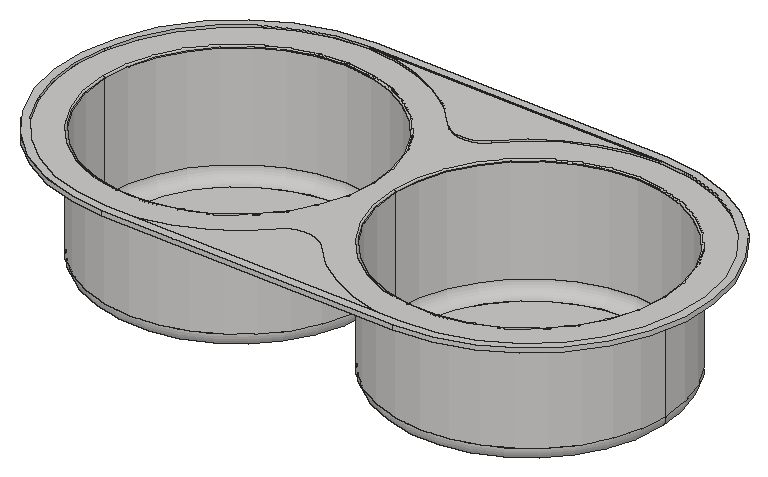
Revit family
Parameters (values of type "870 X 470")
  Waste Connection Diameter = 90 mm
  Width = 470 mm
  Outer Radius = Width / 2  # 235 mm
  Length = 870 mm
  Inner Radius Of Bowl = Inner Diameter Of Bowl / 2  # 185 mm
  Inner Diameter Of Bowl = 370 mm
  Waste Connection Radius = Waste Connection Diameter / 2  # 45 mm
  Waste Connection = 1 = 1  # yes
  WFU = 0
  Vent Connection = 1 = 0  # no
  URL = "http://www.autospec.co.za/browse.php?id=1937217986"
  Product Code = "SDI-880-DBR"
  OmniClass Title = ""
  OmniClass Number = ""
  Modspec Classification = ""
  Specification = ""
  Material = Stainless Steel Grade 304
  Location (revit room) = ""
  HW Connection = 1 = 0  # no
  Description = ""
  Depth Of Bowl = 170 mm
  Colour = none
  CW Connection = 1 = 0  # no
  Body Finish = none
  Model = "Drop-In Preparation Double Bowl SDI-880-DBR"
  Manufacturer = "Kwikot"  # constant formula
  Assembly Code = "D2010410"
Reference planes
  plane 1 "Center (Front/Back)": y = 0
  plane 2 "Bottom": z = 0
  plane 3 "Center (Left/Right)": x = 0
  plane 4 "Top": z = 170
  plane 5: x = 435
  plane 6: x = -435
  plane 7: y = 235
  plane 8: y = -235
  plane 9: x = -200
  plane 10: x = 200
  plane 11: x = -200
  plane 12: x = 200
Forms (mm)
  Extrusion 1, solid, material "Stainless Steel Grade 304" <- "Material"
    sketch origin (-330.571, -1524, 170) x (-1, 0, 0) y (0, -1, 0)
      loop
        arc (-130.571, -1759) -> (104.429, -1524) -> (-130.571, -1289) r 235
        line (-130.571, -1289) -> (-530.571, -1289)
        arc (-530.571, -1289) -> (-765.571, -1524) -> (-530.571, -1759) r 235
        line (-530.571, -1759) -> (-130.571, -1759)
      loop
        circle (-130.571, -1524) r 185
      loop
        circle (-530.571, -1524) r 185
    from 0 to -6
  Sweep 2, solid, material "Stainless Steel Grade 304" <- "Material"
    path origin (-330.571, -1524, 170) x (-1, 0, 0) y (0, -1, 0)
      loop
        circle (-130.571, -1524) r 185
    profile origin (-200, -185, 170) x (0, -1, 0) y (0, 0, 1)
      loop
        line (0, -6) -> (0, -150)
        arc (0, -150) -> (-5.126, -162.374) -> (-17.5, -167.5) r 17.5
        line (-17.5, -167.5) -> (-140, -167.5) -> (-140, -170) -> (-17.5, -170)
        arc (-17.5, -170) -> (-3.358, -164.142) -> (2.5, -150) r 20
        line (2.5, -150) -> (2.5, -6) -> (0, -6)
  Sweep 3, solid, material "Stainless Steel Grade 304" <- "Material"
    path origin (-330.571, -1524, 170) x (-1, 0, 0) y (0, -1, 0)
      loop
        circle (-530.571, -1524) r 185
    profile origin (200, -185, 170) x (0, -1, 0) y (0, 0, 1)
      loop
        line (0, -6) -> (0, -150)
        arc (0, -150) -> (-5.126, -162.374) -> (-17.5, -167.5) r 17.5
        line (-17.5, -167.5) -> (-140, -167.5) -> (-140, -170) -> (-17.5, -170)
        arc (-17.5, -170) -> (-3.358, -164.142) -> (2.5, -150) r 20
        line (2.5, -150) -> (2.5, -6) -> (0, -6)
  Extrusion 4, void
    sketch origin (-330.571, -1524, 170) x (0, -1, 0) y (-1, 0, 0)
      loop
        arc (-1299, -130.571) -> (-1524, 94.429) -> (-1749, -130.571) r 225
        line (-1749, -130.571) -> (-1749, -530.571)
        arc (-1749, -530.571) -> (-1524, -755.571) -> (-1299, -530.571) r 225
        line (-1299, -530.571) -> (-1299, -130.571)
    from 0 to 3
  Extrusion 5, solid, material "Stainless Steel Grade 304" <- "Material"
    sketch origin (-330.571, -1524, 170) x (-1, 0, 0) y (0, -1, 0)
      loop
        arc (-300.383, -1376.389) -> (-223.879, -1319.259) -> (-130.571, -1299) r 225
        line (-130.571, -1299) -> (-530.571, -1299)
        arc (-530.571, -1299) -> (-437.264, -1319.259) -> (-360.76, -1376.389) r 225
        arc (-360.76, -1376.389) -> (-330.571, -1390.147) -> (-300.383, -1376.389) r 40
      loop
        arc (-360.76, -1671.611) -> (-437.264, -1728.741) -> (-530.571, -1749) r 225
        line (-530.571, -1749) -> (-130.571, -1749)
        arc (-130.571, -1749) -> (-223.879, -1728.741) -> (-300.383, -1671.611) r 225
        arc (-300.383, -1671.611) -> (-330.571, -1657.853) -> (-360.76, -1671.611) r 40
    from -1 to -3
  Blend 6, solid, material "Stainless Steel Grade 304" <- "Material"
    base sketch origin (0, 0, 0) x (1, 0, 0) y (0, 1, 0)
      loop
        circle (-200, 0) r 45
    top sketch origin (0, 0, 0) x (1, 0, 0) y (0, 1, 0)
      loop
        circle (-200, 0) r 25
    from 0 to -10
  Blend 7, solid, material "Stainless Steel Grade 304" <- "Material"
    base sketch origin (0, 0, 0) x (1, 0, 0) y (0, 1, 0)
      loop
        circle (200, 0) r 45
    top sketch origin (0, 0, 0) x (1, 0, 0) y (0, 1, 0)
      loop
        circle (200, 0) r 25
    from 0 to -10
  Sweep 8, void
    path origin (-330.571, -1524, 170) x (-1, 0, 0) y (0, -1, 0)
      loop
        circle (-130.571, -1524) r 185
    profile origin (-200, 185, 170) x (0, 1, 0) y (0, 0, 1)
      loop
        line (0, -3) -> (0, -5)
        arc (0, -5) -> (0.586, -3.586) -> (2, -3) r 2
        line (2, -3) -> (0, -3)
  Sweep 9, void
    path origin (-330.571, -1524, 170) x (-1, 0, 0) y (0, -1, 0)
      loop
        circle (-530.571, -1524) r 185
    profile origin (200, -185, 170) x (0, -1, 0) y (0, 0, 1)
      loop
        line (0, -3) -> (0, -5)
        arc (0, -5) -> (0.586, -3.586) -> (2, -3) r 2
        line (2, -3) -> (0, -3)
Cuts and joins
  Extrusion 4, Sweep 8, Sweep 9 cuts Extrusion 1
  Sweep 8, Sweep 9 cuts Sweep 2
  Sweep 8, Sweep 9 cuts Sweep 3
  Sweep 8, Sweep 9 cuts Extrusion 5
  Sweep 8, Sweep 9 cuts Blend 6
  Sweep 8, Sweep 9 cuts Blend 7
  joined: Extrusion 1, Sweep 2, Sweep 3, Extrusion 5, Blend 6, Blend 7
Lines and regions (mm)
  symbolic lines
    curve 1: arc (-15, 0, 170) -> (-200, -185, 170) -> (-385, 0, 170) r 185
    curve 2: arc (-385, 0, 170) -> (-200, 185, 170) -> (-15, 0, 170) r 185
    curve 3: arc (15, 0, 170) -> (200, 185, 170) -> (385, 0, 170) r 185
    curve 4: arc (385, 0, 170) -> (200, -185, 170) -> (15, 0, 170) r 185
    curve 5: arc (245, 0, 170) -> (200, -45, 170) -> (155, 0, 170) r 45
    curve 6: arc (155, 0, 170) -> (200, 45, 170) -> (245, 0, 170) r 45
    curve 7: arc (-155, 0, 170) -> (-200, -45, 170) -> (-245, 0, 170) r 45
    curve 8: arc (-245, 0, 170) -> (-200, 45, 170) -> (-155, 0, 170) r 45
    curve 9: arc (-200, 235, 170) -> (-435, 0, 170) -> (-200, -235, 170) r 235
    curve 10: line (200, 235, 170) -> (-200, 235, 170)
    curve 11: arc (200, -235, 170) -> (435, 0, 170) -> (200, 235, 170) r 235
    curve 12: line (-200, -235, 170) -> (200, -235, 170)
    curve 13: arc (-200, -225, 170) -> (-425, 0, 170) -> (-200, 225, 170) r 225
    curve 14: line (200, 225, 170) -> (-200, 225, 170)
    curve 15: arc (200, 225, 170) -> (425, 0, 170) -> (200, -225, 170) r 225
    curve 16: line (-200, -225, 170) -> (200, -225, 170)
    curve 17: arc (200, -225, 170) -> (106.693, -204.741, 170) -> (30.189, -147.611, 170) r 225
    curve 18: arc (30.189, -147.611, 170) -> (0, -133.853, 170) -> (-30.189, -147.611, 170) r 40
    curve 19: arc (-30.189, -147.611, 170) -> (-106.693, -204.741, 170) -> (-200, -225, 170) r 225
    curve 20: arc (-200, 225, 170) -> (-106.693, 204.741, 170) -> (-30.189, 147.611, 170) r 225
    curve 21: arc (-30.189, 147.611, 170) -> (0, 133.853, 170) -> (30.189, 147.611, 170) r 40
    curve 22: arc (30.189, 147.611, 170) -> (106.693, 204.741, 170) -> (200, 225, 170) r 225
Dimensions and locks
  "Depth Of Bowl": plane 4 "Top" to plane 2 "Bottom"
  "Length": plane 6 to plane 5
  equal spacing: plane 6, plane 3 "Center (Left/Right)", plane 5
  "Width": plane 7 to plane 8
  equal spacing: plane 7, plane 1 "Center (Front/Back)", plane 8
  "Outer Radius": plane 6 to plane 9
  "Outer Radius": plane 10 to plane 5
  "Waste Connection Radius": plane 1 "Center (Front/Back)" to Sweep 2 sketch curve
  "Waste Connection Radius": plane 1 "Center (Front/Back)" to Sweep 3 sketch curve
  plane 7 to Extrusion 4 sketch curve = 10 mm
  Extrusion 4 sketch curve to plane 8 = 10 mm
  plane 6 to Extrusion 4 sketch curve = 10 mm
  Extrusion 4 sketch curve to plane 5 = 10 mm
  "Outer Radius": radius of Extrusion 1 sketch curve  (x2)
  "Inner Radius Of Bowl": radius of Extrusion 1 sketch curve  (x2)
  radius of Blend 6 sketch curve = 25 mm
  radius of Blend 7 sketch curve = 25 mm
  aligned and locked: level to plane 2 "Bottom"
  aligned and locked: plane 8 to Extrusion 1 sketch curve
  aligned and locked: plane 1 "Center (Front/Back)" to Extrusion 1 sketch curve  (x3)
  aligned and locked: plane 9 to Extrusion 1 sketch curve  (x2)
  aligned and locked: plane 10 to Extrusion 1 sketch curve  (x2)
  aligned and locked: Sweep 2 sketch curve to Extrusion 1  (x2)
  aligned and locked: Sweep 2 sketch curve to profile plane
  aligned and locked: Extrusion 1 to Sweep 2 sketch curve
  aligned and locked: level to Sweep 2 sketch curve
  aligned and locked: Sweep 3 sketch curve to Extrusion 1  (x2)
  aligned and locked: Extrusion 1 to Sweep 3 sketch curve
  aligned and locked: Sweep 3 sketch curve to profile plane
  aligned and locked: level to Sweep 3 sketch curve
  aligned and locked: curve 1 to Extrusion 1
  aligned and locked: curve 2 to Extrusion 1
  aligned and locked: curve 3 to Extrusion 1
  aligned and locked: curve 4 to Extrusion 1
  aligned and locked: curve 5 to Sweep 3
  aligned and locked: curve 6 to Sweep 3
  aligned and locked: curve 7 to Sweep 2
  aligned and locked: curve 8 to Sweep 2
  aligned and locked: curve 9 to Extrusion 1
  aligned and locked: curve 11 to Extrusion 1
  aligned and locked: Extrusion 5 sketch curve to cut or joined group of Extrusion 1, Sweep 2, Sweep 3, Extrusion 4, Extrusion 5, Blend 6, Blend 7, Sweep 8, Sweep 9  (x2)
  aligned and locked: curve 13 to cut or joined group of Extrusion 1, Sweep 2, Sweep 3, Extrusion 4, Extrusion 5, Blend 6, Blend 7, Sweep 8, Sweep 9
  aligned and locked: curve 15 to cut or joined group of Extrusion 1, Sweep 2, Sweep 3, Extrusion 4, Extrusion 5, Blend 6, Blend 7, Sweep 8, Sweep 9
  aligned and locked: curve 17 to cut or joined group of Extrusion 1, Sweep 2, Sweep 3, Extrusion 4, Extrusion 5, Blend 6, Blend 7, Sweep 8, Sweep 9
  aligned and locked: curve 18 to cut or joined group of Extrusion 1, Sweep 2, Sweep 3, Extrusion 4, Extrusion 5, Blend 6, Blend 7, Sweep 8, Sweep 9
  aligned and locked: curve 19 to cut or joined group of Extrusion 1, Sweep 2, Sweep 3, Extrusion 4, Extrusion 5, Blend 6, Blend 7, Sweep 8, Sweep 9
  aligned and locked: curve 20 to cut or joined group of Extrusion 1, Sweep 2, Sweep 3, Extrusion 4, Extrusion 5, Blend 6, Blend 7, Sweep 8, Sweep 9
  aligned and locked: curve 21 to cut or joined group of Extrusion 1, Sweep 2, Sweep 3, Extrusion 4, Extrusion 5, Blend 6, Blend 7, Sweep 8, Sweep 9
  aligned and locked: curve 22 to cut or joined group of Extrusion 1, Sweep 2, Sweep 3, Extrusion 4, Extrusion 5, Blend 6, Blend 7, Sweep 8, Sweep 9
  aligned and locked: Blend 6 sketch curve to curve 7
  aligned and locked: Blend 6 sketch curve to curve 8
  aligned and locked: plane 1 "Center (Front/Back)" to Blend 6 sketch curve
  aligned and locked: plane 11 to curve 19
  aligned and locked: plane 11 to Blend 6 sketch curve
  aligned and locked: Blend 7 sketch curve to curve 5
  aligned and locked: Blend 7 sketch curve to curve 6
  aligned and locked: plane 1 "Center (Front/Back)" to Blend 7 sketch curve
  aligned and locked: plane 12 to curve 17
  aligned and locked: plane 12 to Blend 7 sketch curve
  aligned and locked: Sweep 8 sketch curve to cut or joined group of Extrusion 1, Sweep 2, Sweep 3, Extrusion 4, Extrusion 5, Blend 6, Blend 7, Sweep 8, Sweep 9  (x2)
  aligned and locked: profile plane to Sweep 8 sketch curve
  aligned and locked: cut or joined group of Extrusion 1, Sweep 2, Sweep 3, Extrusion 4, Extrusion 5, Blend 6, Blend 7, Sweep 8, Sweep 9 to Sweep 8 sketch curve
  aligned and locked: Sweep 9 sketch curve to cut or joined group of Extrusion 1, Sweep 2, Sweep 3, Extrusion 4, Extrusion 5, Blend 6, Blend 7, Sweep 8, Sweep 9  (x2)
  aligned and locked: profile plane to Sweep 9 sketch curve
  aligned and locked: cut or joined group of Extrusion 1, Sweep 2, Sweep 3, Extrusion 4, Extrusion 5, Blend 6, Blend 7, Sweep 8, Sweep 9 to Sweep 9 sketch curve
Automatic sketch dimensions
  Sweep 2 sketch curve to Sweep 2 sketch curve = 0 mm  (x2)
  profile plane to Sweep 2 sketch curve = 17.5 mm
  Sweep 2 sketch curve to profile plane = 2.5 mm
  Sweep 3 sketch curve to Sweep 3 sketch curve = 0 mm  (x2)
  profile plane to Sweep 3 sketch curve = 17.5 mm
  Sweep 3 sketch curve to profile plane = 2.5 mm
  Extrusion 5 sketch curve to plane 3 "Center (Left/Right)" = 0 mm  (x2)
  plane 3 "Center (Left/Right)" to Extrusion 5 sketch curve = 30.189 mm
  Extrusion 5 sketch curve to Extrusion 5 sketch curve = 0 mm  (x10)
  Extrusion 5 sketch curve to Extrusion 5 sketch curve = 26.242 mm
  Extrusion 5 sketch curve to Extrusion 5 sketch curve = 169.811 mm  (x4)
  Sweep 8 sketch curve to Sweep 8 sketch curve = 2 mm  (x2)
  Sweep 8 sketch curve to Sweep 8 sketch curve = 0 mm  (x2)
  Sweep 8 sketch curve to profile plane = 0 mm
  Sweep 9 sketch curve to Sweep 9 sketch curve = 2 mm  (x2)
  Sweep 9 sketch curve to Sweep 9 sketch curve = 0 mm  (x2)
  Sweep 9 sketch curve to profile plane = 0 mm
Connectors
  piping at (-200, 0, 0), driven by "Waste Connection Radius", driven by "WFU"
    settings: on cut or joined group of Extrusion 1, Sweep 2, Sweep 3, Extrusion 4, Extrusion 5, Blend 6, Blend 7, Sweep 8, Sweep 9, index 1, connector radius 45 mm, flow factor 0, pipe flow 0.0 L/s, pressure drop 0.0 Pa, fitting loss kfactor 0, connector angle 0.00°, fixture units 0, flow configuration 3, flow direction 2, fitting loss method 4, system type 16, connector reference index -1, connector utility 0, adjustable connector no, is connector primary yes, fitting loss table "", connector description "Waste Connection"
  piping at (200, 0, 0), driven by "Waste Connection Radius", driven by "WFU"
    settings: on cut or joined group of Extrusion 1, Sweep 2, Sweep 3, Extrusion 4, Extrusion 5, Blend 6, Blend 7, Sweep 8, Sweep 9, index 2, connector radius 45 mm, flow factor 0, pipe flow 0.0 L/s, pressure drop 0.0 Pa, fitting loss kfactor 0, connector angle 0.00°, fixture units 0, flow configuration 3, flow direction 2, fitting loss method 4, system type 16, connector reference index -1, connector utility 0, adjustable connector no, is connector primary no, fitting loss table "", connector description "Waste Connection"
